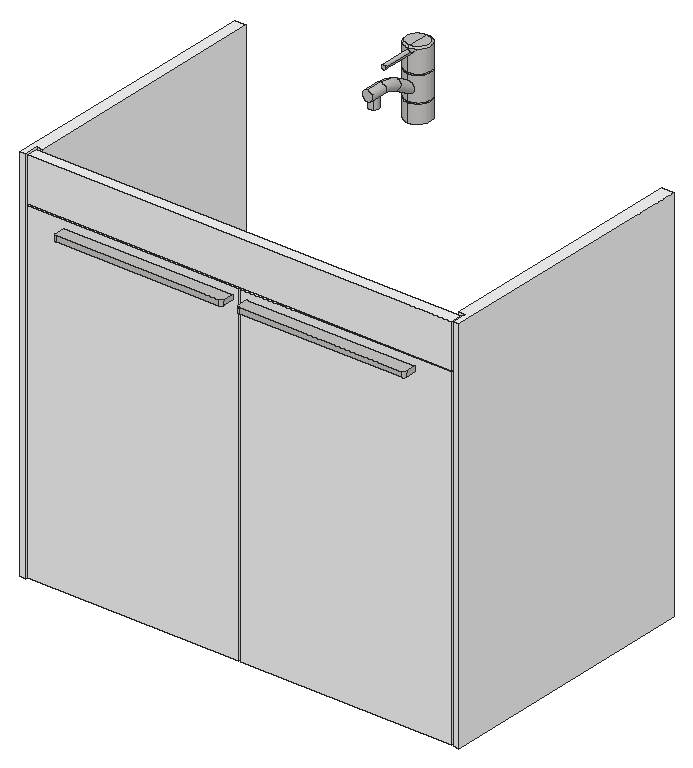
Revit family "47380 Ifö Sense Furniture packs - SDSSMP 60 Compact", category Generic Models, Revit 2015 (continued)
Lines and regions (mm)
  Masking region 21, not visible
    outline origin (0, -366, -98.188) x (-1, 0, 0) y (0, 0, 1)
      loop
        arc (-130.926, 638.67) -> (-135.214, 638.645) -> (-139.502, 638.65) r 614.496
        arc (-139.502, 638.65) -> (-143.882, 638.653) -> (-148.262, 638.625) r 591.416
        arc (-148.262, 638.625) -> (-157.301, 638.561) -> (-166.341, 638.556) r 1397.721
        arc (-166.341, 638.556) -> (-170.437, 638.557) -> (-174.534, 638.534) r 711.523
        arc (-174.534, 638.534) -> (-179.991, 638.501) -> (-185.448, 638.495) r 1114.787
        arc (-185.448, 638.495) -> (-190.545, 638.491) -> (-195.642, 638.466) r 1199.451
        arc (-195.642, 638.466) -> (-201.295, 638.465) -> (-206.947, 638.428) r 887.552
        arc (-206.947, 638.428) -> (-209.575, 638.422) -> (-212.203, 638.403) r 512.197
        arc (-212.203, 638.403) -> (-215.268, 638.385) -> (-218.334, 638.357) r 896.789
        arc (-218.334, 638.357) -> (-225.168, 638.324) -> (-232.001, 638.258) r 1378.917
        arc (-232.001, 638.258) -> (-237.519, 638.21) -> (-243.036, 638.141) r 1419.883
        arc (-243.036, 638.141) -> (-249.226, 638.065) -> (-255.416, 637.958) r 1203.28
        arc (-255.416, 637.958) -> (-258.93, 637.895) -> (-262.444, 637.812) r 611.774
        arc (-262.444, 637.812) -> (-265.235, 637.763) -> (-268.025, 637.691) r 349.957
        arc (-268.025, 637.691) -> (-268.602, 637.676) -> (-269.179, 637.664) r 105.435
        arc (-269.179, 637.664) -> (-271.952, 637.596) -> (-274.724, 637.495) r 233.186
        arc (-274.724, 637.495) -> (-277.635, 637.379) -> (-280.547, 637.279) r 559.81
        arc (-280.547, 637.279) -> (-282.334, 637.208) -> (-284.12, 637.108) r 113.325
        arc (-284.12, 637.108) -> (-285.427, 637.028) -> (-286.735, 636.952) r 341.387
        arc (-286.735, 636.952) -> (-287.312, 636.919) -> (-287.889, 636.883) r 134.578
        arc (-287.889, 636.883) -> (-288.686, 636.816) -> (-289.483, 636.756) r 117.427
        arc (-289.483, 636.756) -> (-290.72, 636.662) -> (-291.956, 636.559) r 183.241
        arc (-291.956, 636.559) -> (-292.364, 636.52) -> (-292.77, 636.474) r 23.326
        arc (-292.77, 636.474) -> (-293.481, 636.393) -> (-294.194, 636.323) r 46.54
        arc (-294.194, 636.323) -> (-294.951, 636.244) -> (-295.705, 636.146) r 28.913
        arc (-295.705, 636.146) -> (-296.501, 636.047) -> (-297.293, 635.928) r 31.684
        arc (-297.293, 635.928) -> (-297.7, 635.861) -> (-298.107, 635.793) r 117.916
        arc (-298.107, 635.793) -> (-298.493, 635.728) -> (-298.878, 635.665) r 92.888
        arc (-298.878, 635.665) -> (-299.52, 635.546) -> (-300.159, 635.416) r 36.999
        arc (-300.159, 635.416) -> (-300.68, 635.302) -> (-301.2, 635.186) r 73.952
        arc (-301.2, 635.186) -> (-301.992, 634.997) -> (-302.773, 634.767) r 15.678
        arc (-302.773, 634.767) -> (-303.57, 634.498) -> (-304.36, 634.205) r 29.66
        arc (-304.36, 634.205) -> (-305.453, 633.726) -> (-306.498, 633.151) r 13.324
        arc (-306.498, 633.151) -> (-307.02, 632.809) -> (-307.518, 632.433) r 9.535
        arc (-307.518, 632.433) -> (-307.946, 632.067) -> (-308.351, 631.676) r 9.535
        arc (-308.351, 631.676) -> (-308.918, 631.023) -> (-309.266, 630.231) r 2.893
        arc (-309.266, 630.231) -> (-309.389, 629.826) -> (-309.481, 629.412) r 5.582
        arc (-309.481, 629.412) -> (-309.566, 628.881) -> (-309.591, 628.343) r 4.757
        arc (-309.591, 628.343) -> (-309.575, 627.08) -> (-309.334, 625.841) r 6.998
        arc (-309.334, 625.841) -> (-309.107, 625.165) -> (-308.812, 624.516) r 6.898
        arc (-308.812, 624.516) -> (-308.505, 623.98) -> (-308.155, 623.473) r 7.299
        arc (-308.155, 623.473) -> (-307.742, 622.971) -> (-307.29, 622.506) r 7.887
        arc (-307.29, 622.506) -> (-306.674, 621.977) -> (-306.008, 621.513) r 8.1
        arc (-306.008, 621.513) -> (-305.536, 621.231) -> (-305.054, 620.967) r 14.289
        arc (-305.054, 620.967) -> (-304.448, 620.675) -> (-303.825, 620.421) r 10.631
        arc (-303.825, 620.421) -> (-303.357, 620.255) -> (-302.885, 620.102) r 18.18
        arc (-302.885, 620.102) -> (-302.367, 619.931) -> (-301.838, 619.799) r 7.468
        arc (-301.838, 619.799) -> (-301.294, 619.652) -> (-300.746, 619.524) r 16.91
        line (-300.746, 619.524) -> (-297.179, 618.709)
        arc (-297.179, 618.709) -> (-296.657, 618.581) -> (-296.136, 618.449) r 58.188
        arc (-296.136, 618.449) -> (-295.662, 618.322) -> (-295.19, 618.188) r 31.626
        line (-295.19, 618.188) -> (-292, 618.188)
        arc (-292, 618.188) -> (-291.063, 618.046) -> (-290.135, 617.85) r 16.67
        line (-290.135, 617.85) -> (-286.872, 617.188) -> (-284, 617.188) -> (0, 617.188) -> (284, 617.188) -> (286.872, 617.188) -> (290.135, 617.85)
        arc (290.135, 617.85) -> (291.063, 618.046) -> (292, 618.188) r 16.67
        line (292, 618.188) -> (295.19, 618.188)
        arc (295.19, 618.188) -> (295.662, 618.322) -> (296.136, 618.449) r 31.626
        arc (296.136, 618.449) -> (296.657, 618.581) -> (297.179, 618.709) r 58.188
        line (297.179, 618.709) -> (300.746, 619.524)
        arc (300.746, 619.524) -> (301.294, 619.652) -> (301.838, 619.799) r 16.91
        arc (301.838, 619.799) -> (302.367, 619.931) -> (302.885, 620.102) r 7.468
        arc (302.885, 620.102) -> (303.357, 620.255) -> (303.825, 620.421) r 18.18
        arc (303.825, 620.421) -> (304.448, 620.675) -> (305.054, 620.967) r 10.631
        arc (305.054, 620.967) -> (305.536, 621.231) -> (306.008, 621.513) r 14.289
        arc (306.008, 621.513) -> (306.674, 621.977) -> (307.29, 622.506) r 8.1
        arc (307.29, 622.506) -> (307.742, 622.971) -> (308.155, 623.473) r 7.887
        arc (308.155, 623.473) -> (308.505, 623.98) -> (308.812, 624.516) r 7.299
        arc (308.812, 624.516) -> (309.107, 625.165) -> (309.334, 625.841) r 6.898
        arc (309.334, 625.841) -> (309.575, 627.08) -> (309.591, 628.343) r 6.998
        arc (309.591, 628.343) -> (309.566, 628.881) -> (309.481, 629.412) r 4.757
        arc (309.481, 629.412) -> (309.389, 629.826) -> (309.266, 630.231) r 5.582
        arc (309.266, 630.231) -> (308.918, 631.023) -> (308.351, 631.676) r 2.893
        arc (308.351, 631.676) -> (307.946, 632.067) -> (307.518, 632.433) r 9.535
        arc (307.518, 632.433) -> (307.02, 632.809) -> (306.498, 633.151) r 9.535
        arc (306.498, 633.151) -> (305.453, 633.726) -> (304.36, 634.205) r 13.324
        arc (304.36, 634.205) -> (303.57, 634.498) -> (302.773, 634.767) r 29.66
        arc (302.773, 634.767) -> (301.992, 634.997) -> (301.2, 635.186) r 15.678
        arc (301.2, 635.186) -> (300.68, 635.302) -> (300.159, 635.416) r 73.952
        arc (300.159, 635.416) -> (299.52, 635.546) -> (298.878, 635.665) r 36.999
        arc (298.878, 635.665) -> (298.493, 635.728) -> (298.107, 635.793) r 92.888
        arc (298.107, 635.793) -> (297.7, 635.861) -> (297.293, 635.928) r 117.916
        arc (297.293, 635.928) -> (296.501, 636.047) -> (295.705, 636.146) r 31.684
        arc (295.705, 636.146) -> (294.951, 636.244) -> (294.194, 636.323) r 28.913
        arc (294.194, 636.323) -> (293.481, 636.393) -> (292.77, 636.474) r 46.54
        arc (292.77, 636.474) -> (292.364, 636.52) -> (291.956, 636.559) r 23.326
        arc (291.956, 636.559) -> (290.72, 636.662) -> (289.483, 636.756) r 183.241
        arc (289.483, 636.756) -> (288.686, 636.816) -> (287.889, 636.883) r 117.427
        arc (287.889, 636.883) -> (287.312, 636.919) -> (286.735, 636.952) r 134.578
        arc (286.735, 636.952) -> (285.427, 637.028) -> (284.12, 637.108) r 341.387
        arc (284.12, 637.108) -> (282.334, 637.208) -> (280.547, 637.279) r 113.325
        arc (280.547, 637.279) -> (277.635, 637.379) -> (274.724, 637.495) r 559.81
        arc (274.724, 637.495) -> (271.952, 637.596) -> (269.179, 637.664) r 233.186
        arc (269.179, 637.664) -> (268.602, 637.676) -> (268.025, 637.691) r 105.435
        arc (268.025, 637.691) -> (265.235, 637.763) -> (262.444, 637.812) r 349.957
        arc (262.444, 637.812) -> (258.93, 637.895) -> (255.416, 637.958) r 611.774
        arc (255.416, 637.958) -> (249.226, 638.065) -> (243.036, 638.141) r 1203.28
        arc (243.036, 638.141) -> (237.519, 638.21) -> (232.001, 638.258) r 1419.883
        arc (232.001, 638.258) -> (225.168, 638.324) -> (218.334, 638.357) r 1378.917
        arc (218.334, 638.357) -> (215.268, 638.385) -> (212.203, 638.403) r 896.789
        arc (212.203, 638.403) -> (209.575, 638.422) -> (206.947, 638.428) r 512.197
        arc (206.947, 638.428) -> (201.295, 638.465) -> (195.642, 638.466) r 887.552
        arc (195.642, 638.466) -> (190.545, 638.491) -> (185.448, 638.495) r 1199.451
        arc (185.448, 638.495) -> (179.991, 638.501) -> (174.534, 638.534) r 1114.787
        arc (174.534, 638.534) -> (170.437, 638.557) -> (166.341, 638.556) r 711.523
        arc (166.341, 638.556) -> (157.301, 638.561) -> (148.262, 638.625) r 1397.721
        arc (148.262, 638.625) -> (143.882, 638.653) -> (139.502, 638.65) r 591.416
        arc (139.502, 638.65) -> (135.214, 638.645) -> (130.926, 638.67) r 614.496
        arc (130.926, 638.67) -> (120.605, 638.739) -> (110.284, 638.75) r 1860.707
        arc (110.284, 638.75) -> (104.329, 638.753) -> (98.375, 638.78) r 1405.682
        arc (98.375, 638.78) -> (90.48, 638.817) -> (82.585, 638.822) r 1898.557
        arc (82.585, 638.822) -> (76.205, 638.831) -> (69.825, 638.857) r 2398.737
        arc (69.825, 638.857) -> (69.397, 638.859) -> (68.969, 638.863) r 76.359
        arc (68.969, 638.863) -> (66.288, 638.882) -> (63.606, 638.876) r 286.417
        arc (63.606, 638.876) -> (61.142, 638.891) -> (58.678, 638.894) r 523.97
        arc (58.678, 638.894) -> (54.721, 638.896) -> (50.765, 638.91) r 1309.08
        arc (50.765, 638.91) -> (49.048, 638.911) -> (47.33, 638.923) r 260.209
        arc (47.33, 638.923) -> (44.969, 638.941) -> (42.607, 638.942) r 359.351
        arc (42.607, 638.942) -> (40.811, 638.943) -> (39.014, 638.954) r 315.51
        arc (39.014, 638.954) -> (35.942, 638.972) -> (32.87, 638.973) r 534.181
        arc (32.87, 638.973) -> (31.454, 638.971) -> (30.038, 638.973) r 530.1
        arc (30.038, 638.973) -> (28.164, 638.979) -> (26.29, 638.99) r 997.153
  Masking region 22, not visible
    outline origin (0, 0, 0) x (-1, 0, 0) y (0, 0, 1)
      loop
        line (-292, 0) -> (-284, 0) -> (-284, 1) -> (-290, 1) -> (-290, 457) -> (-1, 457) -> (-1, 1) -> (1, 1) -> (1, 457) -> (290, 457) -> (290, 1) -> (284, 1) -> (284, 0) -> (292, 0) -> (292, 520)
        arc (292, 520) -> (291.063, 519.858) -> (290.135, 519.663) r 16.67
        line (290.135, 519.663) -> (286.872, 519) -> (290, 519) -> (290, 459) -> (-290, 459) -> (-290, 519) -> (-286.872, 519) -> (-290.135, 519.663)
        arc (-290.135, 519.663) -> (-291.063, 519.858) -> (-292, 520) r 16.67
        line (-292, 520) -> (-292, 0)
  Masking region 23, not visible
    outline origin (0, 0, 0) x (-1, 0, 0) y (0, 0, 1)
      loop
        line (-300, 520) -> (-300, 0) -> (-292, 0) -> (-292, 520) -> (-300, 520)
  Masking region 24, not visible
    outline origin (0, 0, 0) x (1, 0, 0) y (0, 0, 1)
      loop
        line (-300, 520) -> (-300, 0) -> (-292, 0) -> (-292, 520) -> (-300, 520)
  Masking region 25, not visible
    outline origin (0, 0, 0) x (-1, 0, 0) y (0, 0, 1)
      loop
        line (1, 457) -> (1, 1) -> (290, 1) -> (290, 457) -> (1, 457)
  Masking region 26, not visible
    outline origin (0, 0, 0) x (-1, 0, 0) y (0, 0, 1)
      loop
        line (-1, 457) -> (-290, 457) -> (-290, 1) -> (-1, 1) -> (-1, 457)
  Masking region 27, not visible
    outline origin (0, 0, 0) x (-1, 0, 0) y (0, 0, 1)
      loop
        line (-290, 459) -> (290, 459) -> (290, 519) -> (-290, 519) -> (-290, 459)
  symbolic lines
    curve 1: arc (0, 160, 919.981) -> (7, 160, 912.981) -> (0, 160, 905.981) r 7
    curve 2: arc (0, 160, 905.981) -> (-7, 160, 912.981) -> (0, 160, 919.981) r 7
    curve 3: line (-7, 160, 912.981) -> (-7, 160, 892.981)
    curve 4: line (7, 160, 912.981) -> (7, 160, 892.981)
    curve 5: line (6.014, 160, 895.081) -> (-6.014, 160, 895.081)
    curve 6: line (-6.014, 160, 895.081) -> (-6.014, 160, 909.4)
    curve 7: line (6.014, 160, 895.081) -> (6.014, 160, 909.4)
    curve 8: arc (-3, 160, 936.369) -> (0, 160, 939.369) -> (3, 160, 936.369) r 3
    curve 9: arc (3, 160, 936.369) -> (0, 160, 933.369) -> (-3, 160, 936.369) r 3
    curve 10: line (0, -46.32, 911.735) -> (0, -76.32, 911.735)
    curve 11: line (0, -76.32, 909.235) -> (0, -46.32, 909.235)
    curve 12: line (0, -46.32, 876.735) -> (0, -76.32, 876.735)
    curve 13: line (0, -76.32, 874.235) -> (0, -46.32, 874.235)
    curve 14: line (0, -44.32, 941.735) -> (0, -78.32, 941.735)
    curve 15: line (0, -78.32, 886.391) -> (0, -78.32, 902.398)
    curve 16: line (0, -132.047, 906.989) -> (0, -142.865, 905.981)
    curve 17: line (0, -132.047, 906.989) -> (0, -130.834, 905.979)
    curve 18: line (0, -46.32, 911.735) -> (0, -76.32, 911.735)
    curve 19: line (0, -76.32, 909.235) -> (0, -46.32, 909.235)
    curve 20: line (0, -46.32, 876.735) -> (0, -76.32, 876.735)
    curve 21: line (0, -76.32, 874.235) -> (0, -46.32, 874.235)
    curve 22: line (0, -44.32, 941.735) -> (0, -78.32, 941.735)
    curve 23: line (0, -78.32, 886.391) -> (0, -78.32, 902.398)
    curve 24: line (0, -132.047, 906.989) -> (0, -142.865, 905.981)
    curve 25: line (0, -132.047, 906.989) -> (0, -130.834, 905.979)
    curve 26: arc (3, -215, 936.369) -> (0, -215, 939.369) -> (-3, -215, 936.369) r 3
    curve 27: arc (-3, -215, 936.369) -> (0, -215, 933.369) -> (3, -215, 936.369) r 3
    curve 28: arc (0, -215, 905.981) -> (7, -215, 912.981) -> (0, -215, 919.981) r 7
    curve 29: arc (0, -215, 919.981) -> (-7, -215, 912.981) -> (0, -215, 905.981) r 7
    curve 30: line (-6.014, -215, 895.081) -> (6.014, -215, 895.081)
    curve 31: line (6.014, -215, 895.081) -> (6.014, -215, 909.4)
    curve 32: line (-6.014, -215, 895.081) -> (-6.014, -215, 909.4)
    curve 33: line (-7, -215, 912.981) -> (-7, -215, 892.981)
    curve 34: spline (-7, -215, 892.981) -> (-6.761, -215, 891.275) -> (-6.062, -215, 889.686) -> (-4.95, -215, 888.321) -> (-3.5, -215, 887.274) -> (-1.812, -215, 886.616) -> (0, -215, 886.391) -> (1.812, -215, 886.616) -> (3.5, -215, 887.274) -> (4.95, -215, 888.321) -> (6.062, -215, 889.686) -> (6.761, -215, 891.275) -> (7, -215, 892.981)
    curve 35: line (-15, -215, 911.735) -> (-7, -215, 911.735)
    curve 36: line (-15, -215, 909.235) -> (-7, -215, 909.235)
    curve 37: line (6.888, -215, 911.735) -> (15, -215, 911.735)
    curve 38: line (15, -215, 909.235) -> (7, -215, 909.235)
    curve 39: line (-15, -215, 876.735) -> (15, -215, 876.735)
    curve 40: line (15, -215, 874.235) -> (-15, -215, 874.235)
    curve 41: line (-17, -215, 941.735) -> (17, -215, 941.735)
    curve 42: circle (0.073, -172.007, 0) r 23 normal (0, 0, 1)
    curve 43: arc (0, -44.32, 0) -> (17, -61.32, 0) -> (0, -78.32, 0) r 17
    curve 44: arc (0, -78.32, 0) -> (-17, -61.32, 0) -> (0, -44.32, 0) r 17
    curve 45: arc (0, -76.173, 0) -> (14.853, -61.32, 0) -> (0, -46.467, 0) r 14.853
    curve 46: arc (0, -46.467, 0) -> (-14.853, -61.32, 0) -> (0, -76.173, 0) r 14.853
    curve 47: line (-3.001, -119.437, 0) -> (2.999, -119.437, 0)
    curve 48: line (2.999, -119.437, 0) -> (2.999, -78.053, 0)
    curve 49: line (-3.001, -78.053, 0) -> (-3.001, -119.437, 0)
    curve 50: arc (-7, -133.234, 0) -> (0, -211.407, 0) -> (7, -133.234, 0) r 39.4
    curve 51: line (10, 0, 762.622) -> (240, 0, 762.622)
    curve 52: line (10, 0, 755.622) -> (10, 0, 762.622)
    curve 53: line (240, 0, 755.622) -> (10, 0, 755.622)
    curve 54: line (240, 0, 762.622) -> (240, 0, 755.622)
    curve 55: line (-240, 0, 755.622) -> (-10, 0, 755.622)
    curve 56: line (-240, 0, 762.622) -> (-240, 0, 755.622)
    curve 57: line (-10, 0, 762.622) -> (-240, 0, 762.622)
    curve 58: line (-10, 0, 755.622) -> (-10, 0, 762.622)
    curve 59: arc (0, -78.32, 933.369) -> (0, -78.053, 936.369) -> (0, -78.32, 939.368) r 16.989
    curve 63: arc (-7, -93.797, 0) -> (-34.331, -94.527, 0) -> (-61.652, -95.582, 0) r 2297.402
    curve 64: arc (-61.652, -95.582, 0) -> (-72.755, -96.093, 0) -> (-83.856, -96.639, 0) r 3649.365
    curve 65: arc (-145.697, -101.38, 0) -> (-156.13, -102.419, 0) -> (-166.559, -103.492, 0) r 3194.542
    curve 66: arc (-227.108, -110.707, 0) -> (-236.605, -111.988, 0) -> (-246.086, -113.388, 0) r 761.32
    curve 67: arc (-246.086, -113.388, 0) -> (-248.549, -113.786, 0) -> (-251.006, -114.222, 0) r 166.383
    curve 68: arc (-251.006, -114.222, 0) -> (-255.789, -115.149, 0) -> (-260.555, -116.159, 0) r 283.264
    curve 69: arc (-260.555, -116.159, 0) -> (-263.74, -116.931, 0) -> (-266.889, -117.832, 0) r 79.974
    curve 70: arc (-266.889, -117.832, 0) -> (-268.815, -118.462, 0) -> (-270.719, -119.155, 0) r 60.746
    curve 71: arc (-288.578, -137.3, 0) -> (-289.117, -139.68, 0) -> (-289.548, -142.082, 0) r 54.306
    curve 72: line (-289.981, -155.548, 0) -> (-289.981, -230.548, 0)
    curve 73: arc (-290.06, -282.002, 0) -> (-289.971, -285.987, 0) -> (-289.763, -289.967, 0) r 132.723
    curve 74: arc (-289.763, -289.967, 0) -> (-289.568, -292.341, 0) -> (-289.3, -294.709, 0) r 79.092
    curve 75: arc (-289.3, -294.709, 0) -> (-288.666, -298.579, 0) -> (-287.763, -302.396, 0) r 56.102
    curve 76: arc (-287.763, -302.396, 0) -> (-286.878, -305.171, 0) -> (-285.768, -307.864, 0) r 35.313
    curve 77: arc (-285.768, -307.864, 0) -> (-284.779, -309.82, 0) -> (-283.651, -311.699, 0) r 30.473
    curve 78: arc (-283.651, -311.699, 0) -> (-281.589, -314.468, 0) -> (-279.19, -316.95, 0) r 26.969
    curve 79: arc (-279.19, -316.95, 0) -> (-275.082, -320.041, 0) -> (-270.471, -322.316, 0) r 27.572
    curve 80: arc (-244.291, -326.768, 0) -> (-240.968, -326.902, 0) -> (-237.644, -327.029, 0) r 1771.534
    curve 81: arc (-237.644, -327.029, 0) -> (-225.255, -327.369, 0) -> (-212.861, -327.465, 0) r 628.559
    curve 82: arc (-125.372, -99.557, 0) -> (-135.538, -100.428, 0) -> (-145.697, -101.38, 0) r 1256.829
    curve 83: arc (-116.985, -98.845, 0) -> (-121.178, -99.208, 0) -> (-125.372, -99.557, 0) r 1274.913
    curve 84: arc (-83.856, -96.639, 0) -> (-90.547, -97.009, 0) -> (-97.234, -97.44, 0) r 731.58
    curve 85: arc (-97.234, -97.44, 0) -> (-107.116, -98.059, 0) -> (-116.985, -98.845, 0) r 586.076
    curve 86: arc (-289.962, -150.651, 0) -> (-289.976, -153.1, 0) -> (-289.981, -155.548, 0) r 620.156
    curve 87: arc (-289.883, -147.268, 0) -> (-289.935, -148.959, 0) -> (-289.962, -150.651, 0) r 110.113
    curve 88: arc (-289.735, -144.221, 0) -> (-289.817, -145.744, 0) -> (-289.883, -147.268, 0) r 152.739
    curve 89: arc (-289.548, -142.082, 0) -> (-289.657, -143.15, 0) -> (-289.735, -144.221, 0) r 37.85
    curve 90: arc (-289.981, -230.548, 0) -> (-289.906, -234.45, 0) -> (-289.809, -238.352, 0) r 733.907
    curve 91: arc (-289.809, -238.352, 0) -> (-289.715, -242.944, 0) -> (-289.683, -247.536, 0) r 338.806
    curve 92: arc (-289.937, -269.669, 0) -> (-290.051, -275.835, 0) -> (-290.06, -282.002, 0) r 360.34
    curve 93: arc (-216.892, -109.367, 0) -> (-221.999, -110.044, 0) -> (-227.108, -110.707, 0) r 1936.376
    curve 94: arc (-208.528, -108.296, 0) -> (-212.711, -108.82, 0) -> (-216.892, -109.367, 0) r 732.922
    curve 95: arc (-202.519, -107.535, 0) -> (-205.523, -107.922, 0) -> (-208.528, -108.296, 0) r 671.574
    curve 96: arc (-198.081, -107.011, 0) -> (-200.302, -107.258, 0) -> (-202.519, -107.535, 0) r 172.015
    curve 97: arc (-194.762, -106.613, 0) -> (-196.42, -106.824, 0) -> (-198.081, -107.011, 0) r 114.033
    curve 98: arc (-187.553, -105.77, 0) -> (-191.161, -106.16, 0) -> (-194.762, -106.613, 0) r 207.41
    curve 99: arc (-181.884, -105.139, 0) -> (-184.717, -105.471, 0) -> (-187.553, -105.77, 0) r 241.855
    curve 100: arc (-174.836, -104.366, 0) -> (-178.362, -104.729, 0) -> (-181.884, -105.139, 0) r 268.786
    curve 101: arc (-171.706, -104.022, 0) -> (-173.27, -104.204, 0) -> (-174.836, -104.366, 0) r 118.43
    curve 102: arc (-170.288, -103.871, 0) -> (-170.998, -103.941, 0) -> (-171.706, -104.022, 0) r 43.034
    curve 103: line (-170.288, -103.871, 0) -> (-168.363, -103.683, 0)
    curve 104: line (-168.363, -103.683, 0) -> (-166.559, -103.492, 0)
    curve 105: arc (-289.648, -257.278, 0) -> (-289.781, -263.474, 0) -> (-289.937, -269.669, 0) r 1656.79
    curve 106: arc (-289.683, -247.536, 0) -> (-289.609, -252.407, 0) -> (-289.648, -257.278, 0) r 210.406
    curve 107: arc (-270.471, -322.316, 0) -> (-269.544, -322.673, 0) -> (-268.62, -323.036, 0) r 164.154
    curve 108: arc (-268.62, -323.036, 0) -> (-266.995, -323.609, 0) -> (-265.332, -324.058, 0) r 22.824
    curve 109: arc (-265.332, -324.058, 0) -> (-254.878, -325.929, 0) -> (-244.291, -326.768, 0) r 108.518
    curve 110: arc (-212.861, -327.465, 0) -> (-210.004, -327.476, 0) -> (-207.146, -327.523, 0) r 233.352
    curve 111: arc (-207.146, -327.523, 0) -> (-189.85, -327.793, 0) -> (-172.551, -327.829, 0) r 1280.638
    curve 112: line (-240, -374.289, 0) -> (-10, -374.269, 0)
    curve 113: line (240, -374.289, 0) -> (10, -374.269, 0)
    curve 114: arc (-270.719, -119.155, 0) -> (-274.117, -120.534, 0) -> (-277.357, -122.25, 0) r 36.09
    curve 115: arc (-277.357, -122.25, 0) -> (-280.125, -124.141, 0) -> (-282.642, -126.355, 0) r 27.393
    curve 116: arc (-287.561, -134.294, 0) -> (-288.13, -135.776, 0) -> (-288.578, -137.3, 0) r 19.683
    curve 117: arc (-285.221, -129.585, 0) -> (-284.027, -127.894, 0) -> (-282.642, -126.355, 0) r 17.519
    curve 118: arc (-287.561, -134.294, 0) -> (-286.517, -131.877, 0) -> (-285.221, -129.585, 0) r 24.607
    curve 119: arc (7, -93.797, 0) -> (34.331, -94.527, 0) -> (61.652, -95.582, 0) r 2297.402
    curve 120: arc (61.652, -95.582, 0) -> (72.755, -96.093, 0) -> (83.856, -96.639, 0) r 3649.365
    curve 121: arc (145.697, -101.38, 0) -> (156.13, -102.419, 0) -> (166.559, -103.492, 0) r 3194.542
    curve 122: arc (227.108, -110.707, 0) -> (236.605, -111.988, 0) -> (246.086, -113.388, 0) r 761.32
    curve 123: arc (246.086, -113.388, 0) -> (248.549, -113.786, 0) -> (251.006, -114.222, 0) r 166.383
    curve 124: arc (251.006, -114.222, 0) -> (255.789, -115.149, 0) -> (260.555, -116.159, 0) r 283.264
    curve 125: arc (260.555, -116.159, 0) -> (263.74, -116.931, 0) -> (266.889, -117.832, 0) r 79.974
    curve 126: arc (266.889, -117.832, 0) -> (268.815, -118.462, 0) -> (270.719, -119.155, 0) r 60.746
    curve 127: arc (288.578, -137.3, 0) -> (289.117, -139.68, 0) -> (289.548, -142.082, 0) r 54.306
    curve 128: line (289.981, -155.548, 0) -> (289.981, -230.548, 0)
    curve 129: arc (290.06, -282.002, 0) -> (289.971, -285.987, 0) -> (289.763, -289.967, 0) r 132.723
    curve 130: arc (289.763, -289.967, 0) -> (289.568, -292.341, 0) -> (289.3, -294.709, 0) r 79.092
    curve 131: arc (289.3, -294.709, 0) -> (288.666, -298.579, 0) -> (287.763, -302.396, 0) r 56.102
    curve 132: arc (287.763, -302.396, 0) -> (286.878, -305.171, 0) -> (285.768, -307.864, 0) r 35.313
    curve 133: arc (285.768, -307.864, 0) -> (284.779, -309.82, 0) -> (283.651, -311.699, 0) r 30.473
    curve 134: arc (283.651, -311.699, 0) -> (281.589, -314.468, 0) -> (279.19, -316.95, 0) r 26.969
    curve 135: arc (279.19, -316.95, 0) -> (275.082, -320.041, 0) -> (270.471, -322.316, 0) r 27.572
    curve 136: arc (244.291, -326.768, 0) -> (240.968, -326.902, 0) -> (237.644, -327.029, 0) r 1771.534
    curve 137: arc (237.644, -327.029, 0) -> (225.255, -327.369, 0) -> (212.861, -327.465, 0) r 628.559
    curve 138: arc (125.372, -99.557, 0) -> (135.538, -100.428, 0) -> (145.697, -101.38, 0) r 1256.829
    curve 139: arc (116.985, -98.845, 0) -> (121.178, -99.208, 0) -> (125.372, -99.557, 0) r 1274.913
    curve 140: arc (83.856, -96.639, 0) -> (90.547, -97.009, 0) -> (97.234, -97.44, 0) r 731.58
    curve 141: arc (97.234, -97.44, 0) -> (107.116, -98.059, 0) -> (116.985, -98.845, 0) r 586.076
    curve 142: arc (289.962, -150.651, 0) -> (289.976, -153.1, 0) -> (289.981, -155.548, 0) r 620.156
    curve 143: arc (289.883, -147.268, 0) -> (289.935, -148.959, 0) -> (289.962, -150.651, 0) r 110.113
    curve 144: arc (289.735, -144.221, 0) -> (289.817, -145.744, 0) -> (289.883, -147.268, 0) r 152.739
    curve 145: arc (289.548, -142.082, 0) -> (289.657, -143.15, 0) -> (289.735, -144.221, 0) r 37.85
    curve 146: arc (289.981, -230.548, 0) -> (289.906, -234.45, 0) -> (289.809, -238.352, 0) r 733.907
    curve 147: arc (289.809, -238.352, 0) -> (289.715, -242.944, 0) -> (289.683, -247.536, 0) r 338.806
    curve 148: arc (289.937, -269.669, 0) -> (290.051, -275.835, 0) -> (290.06, -282.002, 0) r 360.34
    curve 149: arc (216.892, -109.367, 0) -> (221.999, -110.044, 0) -> (227.108, -110.707, 0) r 1936.376
    curve 150: arc (208.528, -108.296, 0) -> (212.711, -108.82, 0) -> (216.892, -109.367, 0) r 732.922
    curve 151: arc (202.519, -107.535, 0) -> (205.523, -107.922, 0) -> (208.528, -108.296, 0) r 671.574
    curve 152: arc (198.081, -107.011, 0) -> (200.302, -107.258, 0) -> (202.519, -107.535, 0) r 172.015
    curve 153: arc (194.762, -106.613, 0) -> (196.42, -106.824, 0) -> (198.081, -107.011, 0) r 114.033
    curve 154: arc (187.553, -105.77, 0) -> (191.161, -106.16, 0) -> (194.762, -106.613, 0) r 207.41
    curve 155: arc (181.884, -105.139, 0) -> (184.717, -105.471, 0) -> (187.553, -105.77, 0) r 241.855
    curve 156: arc (174.836, -104.366, 0) -> (178.362, -104.729, 0) -> (181.884, -105.139, 0) r 268.786
    curve 157: arc (171.706, -104.022, 0) -> (173.27, -104.204, 0) -> (174.836, -104.366, 0) r 118.43
    curve 158: arc (170.288, -103.871, 0) -> (170.998, -103.941, 0) -> (171.706, -104.022, 0) r 43.034
    curve 159: line (170.288, -103.871, 0) -> (168.363, -103.683, 0)
    curve 160: line (168.363, -103.683, 0) -> (166.559, -103.492, 0)
    curve 161: arc (289.648, -257.278, 0) -> (289.781, -263.474, 0) -> (289.937, -269.669, 0) r 1656.79
    curve 162: arc (289.683, -247.536, 0) -> (289.609, -252.407, 0) -> (289.648, -257.278, 0) r 210.406
    curve 163: arc (270.471, -322.316, 0) -> (269.544, -322.673, 0) -> (268.62, -323.036, 0) r 164.154
    curve 164: arc (268.62, -323.036, 0) -> (266.995, -323.609, 0) -> (265.332, -324.058, 0) r 22.824
    curve 165: arc (265.332, -324.058, 0) -> (254.878, -325.929, 0) -> (244.291, -326.768, 0) r 108.518
    curve 166: arc (212.861, -327.465, 0) -> (210.004, -327.476, 0) -> (207.146, -327.523, 0) r 233.352
    curve 167: arc (207.146, -327.523, 0) -> (189.85, -327.793, 0) -> (172.551, -327.829, 0) r 1280.638
    curve 168: arc (270.719, -119.155, 0) -> (274.117, -120.534, 0) -> (277.357, -122.25, 0) r 36.09
    curve 169: arc (277.357, -122.25, 0) -> (280.125, -124.141, 0) -> (282.642, -126.355, 0) r 27.393
    curve 170: arc (287.561, -134.294, 0) -> (288.13, -135.776, 0) -> (288.578, -137.3, 0) r 19.683
    curve 171: arc (285.221, -129.585, 0) -> (284.027, -127.894, 0) -> (282.642, -126.355, 0) r 17.519
    curve 172: arc (287.561, -134.294, 0) -> (286.517, -131.877, 0) -> (285.221, -129.585, 0) r 24.607
    curve 173: line (-172.551, -327.829, 0) -> (-119.756, -328.246, 0)
    curve 174: line (172.551, -327.829, 0) -> (119.756, -328.246, 0)
    curve 175: arc (119.756, -328.246, 0) -> (0, -328.847, 0) -> (-119.756, -328.246, 0) r 11929.209
    curve 176: arc (281.599, 0, 849.841) -> (289.885, 0, 849.939) -> (298.172, 0, 849.846) r 358.198
    curve 177: arc (298.202, 0, 849.846) -> (301.057, 0, 849.752) -> (303.909, 0, 849.595) r 129.443
    curve 178: arc (303.909, 0, 849.595) -> (305.469, 0, 849.298) -> (306.91, 0, 848.629) r 6.481
    curve 179: arc (273.208, 0, 849.857) -> (277.403, 0, 849.795) -> (281.599, 0, 849.841) r 164.567
    curve 180: line (0, 0, 849.66) -> (211.527, 0, 849.66)
    curve 181: arc (227.107, 0, 849.817) -> (250.157, 0, 849.883) -> (273.208, 0, 849.857) r 5824.98
    curve 182: arc (211.527, 0, 849.66) -> (219.317, 0, 849.758) -> (227.107, 0, 849.817) r 1490.063
    curve 183: arc (-281.599, 0, 849.841) -> (-289.885, 0, 849.939) -> (-298.172, 0, 849.846) r 358.198
    curve 184: arc (-298.202, 0, 849.846) -> (-301.057, 0, 849.752) -> (-303.909, 0, 849.595) r 129.443
    curve 185: arc (-303.909, 0, 849.595) -> (-305.469, 0, 849.298) -> (-306.91, 0, 848.629) r 6.481
    curve 186: arc (-273.208, 0, 849.857) -> (-277.403, 0, 849.795) -> (-281.599, 0, 849.841) r 164.567
    curve 187: line (0, 0, 849.66) -> (-211.527, 0, 849.66)
    curve 188: arc (-227.107, 0, 849.817) -> (-250.157, 0, 849.883) -> (-273.208, 0, 849.857) r 5824.98
    curve 189: arc (-211.527, 0, 849.66) -> (-219.317, 0, 849.758) -> (-227.107, 0, 849.817) r 1490.063
    curve 190: arc (302.215, 0, 849.348) -> (304.681, 0, 848.254) -> (306.531, 0, 846.29) r 6.831
    curve 191: arc (298.01, 0, 849.85) -> (300.125, 0, 849.704) -> (302.215, 0, 849.348) r 21.2
    curve 192: arc (-302.215, 0, 849.348) -> (-304.681, 0, 848.254) -> (-306.531, 0, 846.29) r 6.831
    curve 193: arc (-298.01, 0, 849.85) -> (-300.125, 0, 849.704) -> (-302.215, 0, 849.348) r 21.2
  symbolic lines, style "GenericModel"
    curve 60: line (-7, -76.812, 0) -> (-7, -146.851, 0)
    curve 61: line (-7, -146.851, 0) -> (7, -146.851, 0)
    curve 62: line (7, -146.851, 0) -> (7, -76.812, 0)
  symbolic lines, not visible
    curve 194: line (0, -46.32, 596.113) -> (0, -76.32, 596.113)
    curve 195: line (0, -76.32, 593.613) -> (0, -46.32, 593.613)
    curve 196: line (0, -46.32, 561.113) -> (0, -76.32, 561.113)
    curve 197: line (0, -76.32, 558.613) -> (0, -46.32, 558.613)
    curve 198: line (0, -44.32, 626.113) -> (0, -78.32, 626.113)
    curve 199: line (0, -78.32, 570.769) -> (0, -78.32, 586.776)
    curve 200: line (0, -132.047, 591.367) -> (0, -142.865, 590.359)
    curve 201: line (0, -132.047, 591.367) -> (0, -130.834, 590.357)
    curve 202: line (0, -46.32, 596.113) -> (0, -76.32, 596.113)
    curve 203: line (0, -76.32, 593.613) -> (0, -46.32, 593.613)
    curve 204: line (0, -46.32, 561.113) -> (0, -76.32, 561.113)
    curve 205: line (0, -76.32, 558.613) -> (0, -46.32, 558.613)
    curve 206: line (0, -44.32, 626.113) -> (0, -78.32, 626.113)
    curve 207: line (0, -78.32, 570.769) -> (0, -78.32, 586.776)
    curve 208: line (0, -132.047, 591.367) -> (0, -142.865, 590.359)
    curve 209: line (0, -132.047, 591.367) -> (0, -130.834, 590.357)
    curve 210: arc (0, -78.32, 617.747) -> (0, -78.053, 620.746) -> (0, -78.32, 623.746) r 16.989
    curve 211: arc (0, 160, 604.359) -> (7, 160, 597.359) -> (0, 160, 590.359) r 7
    curve 212: arc (0, 160, 590.359) -> (-7, 160, 597.359) -> (0, 160, 604.359) r 7
    curve 213: line (-7, 160, 597.359) -> (-7, 160, 577.359)
    curve 214: line (7, 160, 597.359) -> (7, 160, 577.359)
    curve 215: line (6.014, 160, 579.458) -> (-6.014, 160, 579.458)
    curve 216: line (-6.014, 160, 579.458) -> (-6.014, 160, 593.777)
    curve 217: line (6.014, 160, 579.458) -> (6.014, 160, 593.777)
    curve 218: arc (-3, 160, 620.746) -> (0, 160, 623.746) -> (3, 160, 620.746) r 3
    curve 219: arc (3, 160, 620.746) -> (0, 160, 617.746) -> (-3, 160, 620.746) r 3
    curve 220: arc (3, -215, 620.746) -> (0, -215, 623.746) -> (-3, -215, 620.746) r 3
    curve 221: arc (-3, -215, 620.746) -> (0, -215, 617.746) -> (3, -215, 620.746) r 3
    curve 222: arc (0, -215, 590.359) -> (7, -215, 597.359) -> (0, -215, 604.359) r 7
    curve 223: arc (0, -215, 604.359) -> (-7, -215, 597.359) -> (0, -215, 590.359) r 7
    curve 224: line (-6.014, -215, 579.458) -> (6.014, -215, 579.458)
    curve 225: line (6.014, -215, 579.458) -> (6.014, -215, 593.777)
    curve 226: line (-6.014, -215, 579.458) -> (-6.014, -215, 593.777)
    curve 227: line (-7, -215, 597.359) -> (-7, -215, 577.359)
    curve 228: spline (-7, -215, 577.359) -> (-6.761, -215, 575.653) -> (-6.062, -215, 574.064) -> (-4.95, -215, 572.699) -> (-3.5, -215, 571.652) -> (-1.812, -215, 570.993) -> (0, -215, 570.769) -> (1.812, -215, 570.993) -> (3.5, -215, 571.652) -> (4.95, -215, 572.699) -> (6.062, -215, 574.064) -> (6.761, -215, 575.653) -> (7, -215, 577.359)
    curve 229: line (-15, -215, 596.113) -> (-7, -215, 596.113)
    curve 230: line (-15, -215, 593.613) -> (-7, -215, 593.613)
    curve 231: line (6.888, -215, 596.113) -> (15, -215, 596.113)
    curve 232: line (15, -215, 593.613) -> (7, -215, 593.613)
    curve 233: line (-15, -215, 561.113) -> (15, -215, 561.113)
    curve 234: line (15, -215, 558.613) -> (-15, -215, 558.613)
    curve 235: line (-17, -215, 626.113) -> (17, -215, 626.113)
    curve 236: line (10, 0, 447) -> (240, 0, 447)
    curve 237: line (10, 0, 440) -> (10, 0, 447)
    curve 238: line (240, 0, 440) -> (10, 0, 440)
    curve 239: line (240, 0, 447) -> (240, 0, 440)
    curve 240: line (-240, 0, 440) -> (-10, 0, 440)
    curve 241: line (-240, 0, 447) -> (-240, 0, 440)
    curve 242: line (-10, 0, 447) -> (-240, 0, 447)
    curve 243: line (-10, 0, 440) -> (-10, 0, 447)
    curve 244: arc (281.599, 0, 534.218) -> (289.885, 0, 534.317) -> (298.172, 0, 534.224) r 358.198
    curve 245: arc (298.202, 0, 534.223) -> (301.057, 0, 534.13) -> (303.909, 0, 533.973) r 129.443
    curve 246: arc (303.909, 0, 533.973) -> (305.469, 0, 533.675) -> (306.91, 0, 533.007) r 6.481
    curve 247: arc (273.208, 0, 534.235) -> (277.403, 0, 534.173) -> (281.599, 0, 534.218) r 164.567
    curve 248: line (0, 0, 534.037) -> (211.527, 0, 534.037)
    curve 249: arc (227.107, 0, 534.194) -> (250.157, 0, 534.26) -> (273.208, 0, 534.235) r 5824.98
    curve 250: arc (211.527, 0, 534.037) -> (219.317, 0, 534.136) -> (227.107, 0, 534.194) r 1490.063
    curve 251: arc (-281.599, 0, 534.218) -> (-289.885, 0, 534.317) -> (-298.172, 0, 534.224) r 358.198
    curve 252: arc (-298.202, 0, 534.223) -> (-301.057, 0, 534.13) -> (-303.909, 0, 533.973) r 129.443
    curve 253: arc (-303.909, 0, 533.973) -> (-305.469, 0, 533.675) -> (-306.91, 0, 533.007) r 6.481
    curve 254: arc (-273.208, 0, 534.235) -> (-277.403, 0, 534.173) -> (-281.599, 0, 534.218) r 164.567
    curve 255: line (0, 0, 534.037) -> (-211.527, 0, 534.037)
    curve 256: arc (-227.107, 0, 534.194) -> (-250.157, 0, 534.26) -> (-273.208, 0, 534.235) r 5824.98
    curve 257: arc (-211.527, 0, 534.037) -> (-219.317, 0, 534.136) -> (-227.107, 0, 534.194) r 1490.063
    curve 258: arc (302.215, 0, 533.726) -> (304.681, 0, 532.632) -> (306.531, 0, 530.668) r 6.831
    curve 259: arc (298.01, 0, 534.228) -> (300.125, 0, 534.082) -> (302.215, 0, 533.726) r 21.2
    curve 260: arc (-302.215, 0, 533.726) -> (-304.681, 0, 532.632) -> (-306.531, 0, 530.668) r 6.831
    curve 261: arc (-298.01, 0, 534.228) -> (-300.125, 0, 534.082) -> (-302.215, 0, 533.726) r 21.2
Dimensions and locks
  "MountingHeight(offset)": plane 4 to level
  locked: plane 4 to plane 5 at 75.378
  locked: plane 4 to Revolve 5 at 0.235
  locked: plane 4 to plane 7 "Drain" at 137.999
  "ConnectorIn_VDistance": plane 8 to plane 7 "Drain"
  "ConnectorIn_HDistance": plane 10 to plane 3 "Center (Left/Right)"
  "ConnectorIn_HDistance": plane 9 to plane 3 "Center (Left/Right)"
  locked: connector elem to plane 8
  locked: plane 10 to connector elem at 0
  locked: connector elem to plane 8 at 0
  locked: connector elem to plane 9
  locked: connector elem to plane 6
  aligned and locked: plane 2 to level
  aligned and locked: Extrusion 1 to Extrusion 4
  aligned and locked: plane 1 "Center (Front/Back)" to Extrusion 1
  aligned and locked: Extrusion 9 to plane 5
  aligned and locked: Masking region 9 to plane 4
  aligned and locked: Masking region 14 to plane 5
Automatic sketch dimensions
  curve 43 to curve 45 = 0.00 mm  (x3)
  curve 46 to plane 3 "Center (Left/Right)" = 0.00 mm
  curve 175 to plane 3 "Center (Left/Right)" = 0.00 mm
  curve 50 to plane 3 "Center (Left/Right)" = 0.00 mm
  curve 47 to plane 3 "Center (Left/Right)" = 3.001 mm
  curve 61 to plane 3 "Center (Left/Right)" = 7.00 mm
  curve 82 to plane 3 "Center (Left/Right)" = 23.24 mm
  curve 119 to plane 3 "Center (Left/Right)" = 40.63 mm
  curve 84 to plane 3 "Center (Left/Right)" = 46.834 mm
  curve 85 to plane 3 "Center (Left/Right)" = 65.504 mm
  curve 148 to plane 3 "Center (Left/Right)" = 70.271 mm
  curve 120 to plane 3 "Center (Left/Right)" = 100.821 mm
  curve 94 to curve 84 = 72.817 mm
  curve 173 to curve 148 = 49.485 mm
  curve 66 to curve 94 = 10.465 mm
  curve 88 to curve 60 = 130.258 mm
  curve 100 to curve 173 = 29.28 mm
  curve 73 to curve 173 = 37.584 mm
  curve 121 to plane 3 "Center (Left/Right)" = 165.557 mm
  curve 102 to curve 88 = 29.181 mm
  curve 104 to curve 102 = 0.121 mm
  curve 98 to curve 73 = 9.729 mm
  curve 104 to curve 104 = 1.803 mm
  curve 103 to curve 103 = 1.925 mm
  curve 80 to plane 3 "Center (Left/Right)" = 171.565 mm
  curve 173 to curve 98 = 5.482 mm
  curve 111 to plane 3 "Center (Left/Right)" = 178.507 mm
  curve 87 to curve 102 = 13.414 mm
  curve 96 to curve 73 = 22.781 mm
  curve 101 to plane 1 "Center (Front/Back)" = 13.517 mm
  curve 101 to curve 103 = 15.916 mm
  curve 68 to curve 100 = 50.445 mm
  curve 97 to plane 1 "Center (Front/Back)" = 6.40 mm
  curve 97 to curve 101 = 23.783 mm
  curve 74 to curve 96 = 30.728 mm
  curve 99 to curve 101 = 25.236 mm
  curve 110 to curve 68 = 12.884 mm
  curve 81 to curve 99 = 2.759 mm
  curve 67 to curve 74 = 9.892 mm
  curve 83 to curve 111 = 50.466 mm
  curve 75 to curve 67 = 12.912 mm
  curve 71 to curve 87 = 56.045 mm
  curve 109 to curve 67 = 20.273 mm
  curve 69 to curve 109 = 2.298 mm
  curve 70 to curve 69 = 5.669 mm
  curve 89 to curve 71 = 16.054 mm
  curve 76 to curve 75 = 20.051 mm
  curve 77 to curve 76 = 4.395 mm
  curve 114 to curve 89 = 6.914 mm
  curve 108 to curve 77 = 2.118 mm
  curve 79 to curve 77 = 2.532 mm
  curve 78 to curve 79 = 0.406 mm
  curve 115 to curve 114 = 4.456 mm
  curve 118 to curve 115 = 1.162 mm
  curve 116 to curve 118 = 5.001 mm
  curve 117 to curve 116 = 0.853 mm
  curve 95 to curve 81 = 75.765 mm
  curve 72 to curve 116 = 20.498 mm
  curve 107 to curve 110 = 116.688 mm
  curve 142 to curve 72 = 40.193 mm
  curve 146 to curve 142 = 113.649 mm
  curve 93 to plane 3 "Center (Left/Right)" = 473.80 mm
  curve 106 to curve 146 = 56.19 mm
  curve 91 to curve 106 = 128.475 mm
  plane 1 "Center (Front/Back)" to curve 105 = 224.829 mm
  curve 105 to curve 91 = 1317.632 mm
  curve 50 to curve 42 = 0.073 mm
  plane 3 "Center (Left/Right)" to curve 48 = 2.999 mm
  plane 3 "Center (Left/Right)" to curve 61 = 7.00 mm
  plane 3 "Center (Left/Right)" to curve 138 = 23.24 mm
  plane 3 "Center (Left/Right)" to curve 63 = 40.63 mm
  plane 3 "Center (Left/Right)" to curve 140 = 46.834 mm
  plane 3 "Center (Left/Right)" to curve 141 = 65.504 mm
  plane 3 "Center (Left/Right)" to curve 64 = 100.821 mm
  curve 140 to curve 150 = 72.817 mm
  curve 92 to curve 174 = 49.485 mm
  curve 150 to curve 122 = 10.465 mm
  curve 174 to curve 156 = 29.28 mm
  curve 174 to curve 129 = 37.584 mm
  plane 3 "Center (Left/Right)" to curve 65 = 165.557 mm
  curve 144 to curve 158 = 29.181 mm
  curve 158 to curve 160 = 0.121 mm
  curve 129 to curve 154 = 9.729 mm
  curve 160 to curve 159 = 1.803 mm
  curve 159 to curve 159 = 1.925 mm
  plane 3 "Center (Left/Right)" to curve 136 = 171.565 mm
  curve 154 to curve 174 = 5.482 mm
  plane 3 "Center (Left/Right)" to curve 167 = 178.507 mm
  curve 158 to curve 143 = 13.414 mm
  curve 129 to curve 152 = 22.781 mm
  curve 157 to plane 1 "Center (Front/Back)" = 13.517 mm
  curve 159 to curve 157 = 15.916 mm
  curve 156 to curve 124 = 50.445 mm
  curve 153 to plane 1 "Center (Front/Back)" = 6.40 mm
  curve 157 to curve 153 = 23.783 mm
  curve 152 to curve 130 = 30.728 mm
  curve 157 to curve 155 = 25.236 mm
  curve 124 to curve 166 = 12.884 mm
  curve 155 to curve 137 = 2.759 mm
  curve 130 to curve 123 = 9.892 mm
  curve 167 to curve 139 = 50.466 mm
  curve 123 to curve 131 = 12.912 mm
  curve 143 to curve 127 = 56.045 mm
  curve 123 to curve 165 = 20.273 mm
  curve 165 to curve 125 = 2.298 mm
  curve 125 to curve 126 = 5.669 mm
  curve 127 to curve 145 = 16.054 mm
  curve 131 to curve 132 = 20.051 mm
  curve 132 to curve 133 = 4.395 mm
  curve 145 to curve 168 = 6.914 mm
  curve 133 to curve 164 = 2.118 mm
  curve 133 to curve 135 = 2.532 mm
  curve 135 to curve 134 = 0.406 mm
  curve 168 to curve 169 = 4.456 mm
  curve 169 to curve 172 = 1.162 mm
  curve 172 to curve 170 = 5.001 mm
  curve 170 to curve 171 = 0.853 mm
  curve 165 to curve 128 = 48.967 mm
  curve 166 to curve 163 = 116.688 mm
  curve 128 to curve 86 = 40.193 mm
  curve 86 to curve 90 = 113.649 mm
  plane 3 "Center (Left/Right)" to curve 149 = 473.80 mm
  curve 90 to curve 162 = 56.19 mm
  curve 162 to curve 147 = 128.475 mm
  plane 1 "Center (Front/Back)" to curve 161 = 224.829 mm
  curve 147 to curve 161 = 1317.632 mm
  plane 1 "Center (Front/Back)" to curve 72 = 230.548 mm
  plane 1 "Center (Front/Back)" to curve 128 = 230.548 mm
  plane 1 "Center (Front/Back)" to curve 147 = 247.612 mm
  plane 1 "Center (Front/Back)" to curve 91 = 247.612 mm
  curve 106 to curve 91 = 5.545 mm
  curve 162 to curve 147 = 5.545 mm
  curve 123 to curve 128 = 47.281 mm
  curve 67 to curve 90 = 47.281 mm
  curve 96 to curve 67 = 0.257 mm
  curve 152 to curve 123 = 0.257 mm
  curve 92 to curve 152 = 1.336 mm
  curve 148 to curve 96 = 1.336 mm
  curve 73 to curve 96 = 2.966 mm
  curve 129 to curve 152 = 2.966 mm
  curve 130 to curve 123 = 6.825 mm
  curve 74 to curve 67 = 6.825 mm
  curve 75 to curve 67 = 9.748 mm
  curve 131 to curve 123 = 9.748 mm
  curve 76 to curve 75 = 5.491 mm
  curve 132 to curve 131 = 5.491 mm
  curve 133 to curve 132 = 2.028 mm
  curve 77 to curve 76 = 2.028 mm
  curve 135 to curve 133 = 1.463 mm
  curve 79 to curve 77 = 1.463 mm
  curve 78 to curve 79 = 0.446 mm
  curve 134 to curve 135 = 0.446 mm
  curve 108 to curve 78 = 4.809 mm
  curve 164 to curve 134 = 4.809 mm
  curve 154 to curve 129 = 31.114 mm
  curve 98 to curve 73 = 31.114 mm
  curve 173 to curve 98 = 15.664 mm
  curve 174 to curve 154 = 15.664 mm
  curve 173 to curve 98 = 16.08 mm
  curve 156 to curve 167 = 44.082 mm
  curve 100 to curve 111 = 44.082 mm
  curve 68 to curve 100 = 20.849 mm
  curve 124 to curve 156 = 20.849 mm
  curve 163 to curve 124 = 82.901 mm
  curve 107 to curve 68 = 82.901 mm
  curve 110 to curve 107 = 85.155 mm
  curve 166 to curve 163 = 85.155 mm
  curve 141 to curve 166 = 121.84 mm
  curve 85 to curve 141 = 0.00 mm
  curve 84 to curve 85 = 144.625 mm
  curve 84 to curve 140 = 0.00 mm
  curve 150 to curve 140 = 8.528 mm
  curve 94 to curve 84 = 8.528 mm
  curve 122 to curve 150 = 30.013 mm
  curve 66 to curve 94 = 30.013 mm
  curve 82 to curve 66 = 486.406 mm
  curve 82 to curve 138 = 0.00 mm
  curve 119 to curve 82 = 1038.476 mm
  curve 119 to curve 63 = 0.00 mm
  curve 65 to curve 63 = 890.017 mm
  curve 121 to curve 65 = 0.00 mm
  curve 64 to curve 65 = 460.605 mm
  curve 120 to curve 64 = 0.00 mm
  curve 72 to curve 109 = 12.248 mm
  curve 128 to curve 165 = 12.248 mm
  curve 162 to curve 90 = 34.863 mm
  curve 106 to curve 146 = 34.863 mm
  curve 165 to curve 125 = 24.049 mm
  curve 109 to curve 69 = 24.049 mm
  curve 125 to curve 126 = 18.373 mm
  curve 69 to curve 70 = 18.373 mm
  curve 50 to curve 42 = 0.00 mm
  curve 126 to curve 86 = 20.33 mm
  curve 142 to curve 72 = 0.00 mm
  curve 126 to curve 168 = 22.636 mm
  curve 70 to curve 114 = 22.636 mm
  curve 69 to curve 88 = 41.085 mm
  curve 88 to curve 87 = 1.646 mm
  curve 144 to curve 143 = 1.646 mm
  curve 114 to curve 71 = 2.759 mm
  curve 168 to curve 127 = 2.759 mm
  curve 50 to curve 60 = 25.157 mm
  curve 87 to curve 102 = 4.788 mm
  curve 143 to curve 158 = 4.788 mm
  curve 168 to curve 145 = 6.804 mm
  curve 114 to curve 89 = 6.804 mm
  curve 114 to curve 115 = 7.468 mm
  curve 168 to curve 169 = 7.468 mm
  curve 115 to curve 118 = 2.944 mm
  curve 169 to curve 172 = 2.944 mm
  curve 118 to curve 116 = 0.751 mm
  curve 172 to curve 170 = 0.751 mm
  curve 116 to curve 117 = 3.253 mm
  curve 170 to curve 171 = 3.253 mm
  curve 61 to curve 47 = 27.414 mm
  curve 102 to curve 103 = 42.862 mm
  curve 158 to curve 159 = 42.862 mm
  curve 159 to curve 160 = 0.188 mm
  curve 103 to curve 103 = 0.188 mm
  curve 160 to curve 160 = 0.191 mm
  curve 104 to curve 104 = 0.191 mm
  curve 47 to curve 43 = 58.117 mm
  curve 157 to curve 155 = 121.386 mm
  curve 101 to curve 99 = 121.386 mm
  curve 155 to curve 137 = 166.19 mm
  curve 99 to curve 81 = 166.19 mm
  curve 81 to curve 95 = 257.229 mm
  curve 151 to curve 167 = 394.474 mm
  curve 111 to curve 167 = 0.00 mm
  curve 167 to curve 139 = 218.345 mm
  curve 111 to curve 83 = 218.345 mm
  curve 83 to curve 80 = 272.132 mm
  curve 139 to curve 136 = 272.132 mm
  curve 80 to curve 93 = 366.618 mm
  curve 136 to curve 149 = 366.618 mm
  curve 93 to curve 175 = 9790.472 mm
  curve 112 to plane 3 "Center (Left/Right)" = 10.00 mm
  curve 63 to curve 63 = 54.652 mm
  curve 64 to curve 63 = 0.00 mm
  curve 84 to curve 64 = 0.00 mm
  curve 85 to curve 84 = 13.378 mm
  curve 83 to curve 85 = 0.00 mm
  curve 82 to curve 83 = 0.00 mm
  curve 101 to curve 102 = 0.00 mm
  curve 100 to curve 101 = 0.00 mm
  curve 99 to curve 100 = 0.00 mm
  curve 98 to curve 99 = 0.00 mm
  curve 97 to curve 98 = 0.00 mm
  curve 96 to curve 97 = 0.00 mm
  curve 95 to curve 96 = 0.00 mm
  curve 110 to curve 111 = 0.00 mm
  curve 94 to curve 95 = 0.00 mm
  curve 81 to curve 110 = 0.00 mm
  curve 93 to curve 94 = 0.00 mm
  curve 66 to curve 93 = 0.00 mm
  curve 80 to curve 81 = 0.00 mm
  curve 112 to curve 68 = 40.519 mm
  curve 80 to curve 80 = 6.646 mm
  curve 67 to curve 66 = 0.00 mm
  curve 68 to curve 67 = 0.00 mm
  curve 69 to curve 68 = 0.00 mm
  curve 108 to curve 109 = 0.00 mm
  curve 70 to curve 69 = 0.00 mm
  curve 107 to curve 108 = 0.00 mm
  curve 79 to curve 107 = 0.00 mm
  curve 114 to curve 69 = 3.83 mm
  curve 115 to curve 114 = 0.00 mm
  curve 78 to curve 79 = 0.00 mm
  curve 115 to curve 114 = 5.284 mm
  curve 77 to curve 78 = 0.00 mm
  curve 118 to curve 117 = 2.579 mm
  curve 76 to curve 77 = 0.00 mm
  curve 116 to curve 118 = 2.34 mm
  curve 75 to curve 76 = 0.00 mm
  curve 71 to curve 116 = 0.00 mm
  curve 74 to curve 75 = 0.00 mm
  curve 71 to curve 71 = 0.971 mm
  curve 90 to curve 105 = 0.161 mm
  curve 106 to curve 105 = 0.00 mm
  curve 90 to curve 106 = 0.127 mm
  curve 88 to curve 89 = 0.00 mm
  curve 73 to curve 74 = 0.00 mm
  curve 87 to curve 88 = 0.00 mm
  curve 92 to curve 105 = 0.00 mm
  plane 3 "Center (Left/Right)" to curve 113 = 10.00 mm
  curve 119 to curve 120 = 0.00 mm
  curve 140 to curve 120 = 0.00 mm
  curve 140 to curve 141 = 13.378 mm
  curve 139 to curve 141 = 0.00 mm
  curve 138 to curve 139 = 0.00 mm
  curve 157 to curve 158 = 0.00 mm
  curve 156 to curve 157 = 0.00 mm
  curve 155 to curve 156 = 0.00 mm
  curve 154 to curve 155 = 0.00 mm
  curve 153 to curve 154 = 0.00 mm
  curve 152 to curve 153 = 0.00 mm
  curve 151 to curve 152 = 0.00 mm
  curve 166 to curve 167 = 0.00 mm
  curve 150 to curve 151 = 0.00 mm
  curve 137 to curve 166 = 0.00 mm
  curve 149 to curve 150 = 0.00 mm
  curve 122 to curve 149 = 0.00 mm
  curve 136 to curve 137 = 0.00 mm
  curve 124 to curve 113 = 40.519 mm
  curve 136 to curve 136 = 6.646 mm
  curve 123 to curve 122 = 0.00 mm
  curve 124 to curve 123 = 0.00 mm
  curve 125 to curve 124 = 0.00 mm
  curve 164 to curve 165 = 0.00 mm
  curve 126 to curve 125 = 0.00 mm
  curve 163 to curve 164 = 0.00 mm
  curve 135 to curve 163 = 0.00 mm
  curve 125 to curve 168 = 3.83 mm
  curve 169 to curve 168 = 0.00 mm
  curve 134 to curve 135 = 0.00 mm
  curve 168 to curve 171 = 5.284 mm
  curve 133 to curve 134 = 0.00 mm
  curve 171 to curve 171 = 2.579 mm
  curve 132 to curve 133 = 0.00 mm
  curve 172 to curve 172 = 2.34 mm
  curve 131 to curve 132 = 0.00 mm
  curve 127 to curve 170 = 0.00 mm
  curve 130 to curve 131 = 0.00 mm
  curve 127 to curve 127 = 0.971 mm
  curve 161 to curve 146 = 0.161 mm
  curve 162 to curve 161 = 0.00 mm
  curve 162 to curve 146 = 0.127 mm
  curve 144 to curve 145 = 0.00 mm
  curve 129 to curve 130 = 0.00 mm
  curve 143 to curve 144 = 0.00 mm
  curve 148 to curve 161 = 0.00 mm
  curve 112 to curve 113 = 0.00 mm
  curve 68 to curve 112 = 18.471 mm
  curve 124 to curve 113 = 18.471 mm
  curve 61 to curve 50 = 13.617 mm
  curve 63 to curve 43 = 15.477 mm
  curve 43 to curve 46 = 2.147 mm
  Revolve 5 sketch curve to Revolve 5 sketch curve = 0.00 mm  (x3)
  Revolve 5 sketch curve to Revolve 5 sketch curve = 2.00 mm  (x2)
  Revolve 5 sketch curve to Revolve 5 sketch curve = 2.147 mm  (x3)
  Revolve 5 sketch curve to Revolve 5 sketch curve = 17.00 mm
  Revolve 5 sketch curve to Revolve 5 sketch curve = 24.00 mm
  Revolve 5 sketch curve to Revolve 5 sketch curve = 2.50 mm  (x2)
  Revolve 5 sketch curve to Revolve 5 sketch curve = 32.50 mm
  Revolve 5 sketch curve to Revolve 5 sketch curve = 30.00 mm
  Sweep 6 sketch curve to Sweep 6 sketch curve = 24.24 mm
  Sweep 6 sketch curve to Sweep 6 sketch curve = 43.731 mm
  Sweep 6 sketch curve to Sweep 6 sketch curve = 22.069 mm
  Sweep 6 sketch curve to Sweep 6 sketch curve = 29.214 mm
  Sweep 6 sketch curve to Sweep 6 sketch curve = 16.194 mm
  Sweep 6 sketch curve to profile plane = 0.00 mm
  Sweep 6 sketch curve to profile plane = 185.00 mm
  Masking region 1 sketch curve to Masking region 1 sketch curve = 0.00 mm  (x11)
  Masking region 1 sketch curve to Masking region 1 sketch curve = 3.986 mm
  Masking region 1 sketch curve to Masking region 1 sketch curve = 12.029 mm
  Masking region 1 sketch curve to Masking region 1 sketch curve = 5.871 mm
  Masking region 1 sketch curve to Masking region 1 sketch curve = 5.528 mm
  Masking region 1 sketch curve to Masking region 1 sketch curve = 21.191 mm
  Masking region 1 sketch curve to Masking region 1 sketch curve = 6.787 mm
  Masking region 1 sketch curve to Masking region 1 sketch curve = 18.667 mm
  Masking region 1 sketch curve to Masking region 1 sketch curve = 2.00 mm  (x4)
  Masking region 1 sketch curve to Masking region 1 sketch curve = 2.147 mm  (x3)
  Masking region 1 sketch curve to Masking region 1 sketch curve = 29.707 mm
  Masking region 1 sketch curve to Masking region 1 sketch curve = 30.00 mm  (x3)
  Masking region 1 sketch curve to Masking region 1 sketch curve = 764.512 mm
  Masking region 1 sketch curve to Masking region 1 sketch curve = 21.59 mm
  Masking region 1 sketch curve to Masking region 1 sketch curve = 23.093 mm
  Masking region 1 sketch curve to Masking region 1 sketch curve = 2.50 mm  (x4)
  Masking region 1 sketch curve to Masking region 1 sketch curve = 9.656 mm
  Masking region 1 sketch curve to Masking region 1 sketch curve = 10.90 mm
  Masking region 1 sketch curve to Masking region 1 sketch curve = 16.007 mm
  Masking region 1 sketch curve to Masking region 1 sketch curve = 6.837 mm
  Masking region 1 sketch curve to Masking region 1 sketch curve = 13.388 mm
  Masking region 1 sketch curve to Masking region 1 sketch curve = 5.999 mm
  Masking region 1 sketch curve to Masking region 1 sketch curve = 2.367 mm
  Masking region 1 sketch curve to Masking region 1 sketch curve = 190.482 mm
  Masking region 1 sketch curve to Masking region 1 sketch curve = 481.33 mm
  Masking region 2 sketch curve to Masking region 2 sketch curve = 0.00 mm  (x3)
  Masking region 2 sketch curve to Masking region 2 sketch curve = 1.51 mm
  Masking region 2 sketch curve to Masking region 2 sketch curve = 2.00 mm  (x7)
  Masking region 2 sketch curve to Masking region 2 sketch curve = 2.147 mm  (x2)
  Masking region 2 sketch curve to Masking region 2 sketch curve = 8.437 mm
  Masking region 2 sketch curve to Masking region 2 sketch curve = 6.928 mm
  Masking region 2 sketch curve to Masking region 2 sketch curve = 0.482 mm  (x2)
  Masking region 2 sketch curve to Masking region 2 sketch curve = 7.558 mm  (x2)
  Masking region 2 sketch curve to Masking region 2 sketch curve = 15.959 mm  (x2)
  Masking region 2 sketch curve to Masking region 2 sketch curve = 2.50 mm  (x4)
  Masking region 2 sketch curve to Masking region 2 sketch curve = 32.50 mm
  Masking region 2 sketch curve to Masking region 2 sketch curve = 30.00 mm  (x2)
  Masking region 2 sketch curve to Masking region 2 sketch curve = 135.359 mm
  Masking region 3 sketch curve to Masking region 3 sketch curve = 366.00 mm
  Masking region 4 sketch curve to Masking region 4 sketch curve = 18.00 mm
  Masking region 4 sketch curve to Masking region 4 sketch curve = 7.00 mm
  Masking region 5 sketch curve to Masking region 5 sketch curve = 0.00 mm  (x99)
  Masking region 5 sketch curve to Masking region 5 sketch curve = 6.928 mm  (x2)
  Masking region 5 sketch curve to Masking region 5 sketch curve = 1.51 mm  (x2)
  Masking region 5 sketch curve to Masking region 5 sketch curve = 24.917 mm  (x2)
  Masking region 5 sketch curve to Masking region 5 sketch curve = 52.286 mm  (x2)
  Masking region 5 sketch curve to Masking region 5 sketch curve = 27.93 mm  (x2)
  Masking region 5 sketch curve to Masking region 5 sketch curve = 114.101 mm  (x2)
  Masking region 5 sketch curve to Masking region 5 sketch curve = 82.983 mm  (x2)
  Masking region 5 sketch curve to Masking region 5 sketch curve = 54.694 mm  (x2)
  Masking region 5 sketch curve to Masking region 5 sketch curve = 26.328 mm  (x2)
  Masking region 5 sketch curve to Masking region 5 sketch curve = 29.816 mm  (x2)
  Masking region 5 sketch curve to Masking region 5 sketch curve = 64.931 mm  (x2)
  Masking region 5 sketch curve to Masking region 5 sketch curve = 10.225 mm  (x2)
  Masking region 5 sketch curve to Masking region 5 sketch curve = 28.067 mm  (x2)
  Masking region 5 sketch curve to Masking region 5 sketch curve = 7.348 mm  (x2)
  Masking region 5 sketch curve to Masking region 5 sketch curve = 44.44 mm  (x2)
  Masking region 5 sketch curve to Masking region 5 sketch curve = 103.955 mm  (x2)
  Masking region 5 sketch curve to Masking region 5 sketch curve = 50.581 mm  (x2)
  Masking region 5 sketch curve to Masking region 5 sketch curve = 7.151 mm  (x2)
  Masking region 5 sketch curve to Masking region 5 sketch curve = 201.262 mm  (x2)
  Masking region 5 sketch curve to Masking region 5 sketch curve = 11.332 mm  (x2)
  Masking region 5 sketch curve to Masking region 5 sketch curve = 0.74 mm  (x2)
  Masking region 5 sketch curve to Masking region 5 sketch curve = 1.424 mm  (x2)
  Masking region 5 sketch curve to Masking region 5 sketch curve = 0.873 mm  (x2)
  Masking region 5 sketch curve to Masking region 5 sketch curve = 7.069 mm  (x2)
  Masking region 5 sketch curve to Masking region 5 sketch curve = 7.793 mm  (x2)
  Masking region 5 sketch curve to Masking region 5 sketch curve = 2.872 mm  (x2)
  Masking region 5 sketch curve to Masking region 5 sketch curve = 3.078 mm  (x2)
  Masking region 5 sketch curve to Masking region 5 sketch curve = 3.263 mm  (x2)
  Masking region 5 sketch curve to Masking region 5 sketch curve = 1.632 mm  (x2)
  Masking region 5 sketch curve to Masking region 5 sketch curve = 1.865 mm  (x2)
  Masking region 5 sketch curve to Masking region 5 sketch curve = 0.623 mm  (x2)
  Masking region 5 sketch curve to Masking region 5 sketch curve = 0.232 mm  (x2)
